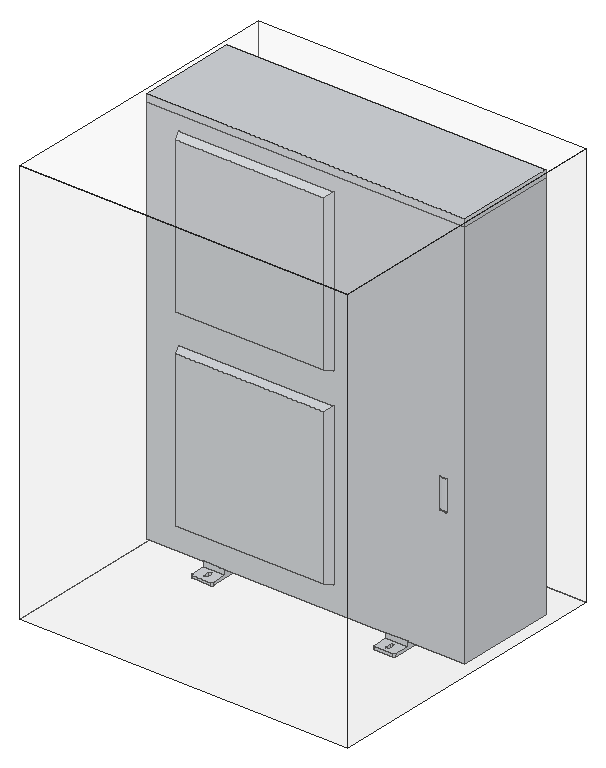
Revit family "puz-dhrmp80_140ka4_50hz", category 機械設備, Revit 2019
Family settings
  丸型コネクタ寸法 = 直径を使用
  パーツ タイプ = 標準
  OmniClass 番号 = 23.75.10.24.21.27.27
  OmniClass タイトル = Split System Air Conditioning Units
  作業面ベース = いいえ
  常に垂直 = はい
  ロード時にボイドで切り取り = いいえ
  共有 = いいえ
  部屋計算ポイント = いいえ
Parameters (values of type "室外機_PUZ-DHRMP80KA4-BSG")
  音響パワーレベル_冷房 (dB) = 66
  音響パワーレベル_暖房 (dB) = 68
  音響パワーレベル(dB) = [音響パワーレベル_暖房 (dB)]  # 68
  電源種別 = ""
  電源位置Y = 2 mm
  電源位置Z = 1063 mm
  電源位置X = 325 mm
  電圧 = 200 V
  電動機出力_送風機 = 0.12 kW
  電動機出力_圧縮機 = 1.5 kW
  集中コントローラ [instance] = ""
  運転質量 = 0.00 kg
  運転方法 = "冷暖切替"
  質量 = if(製品質量 > 運転質量, 製品質量, 運転質量) * 1.2  # 138.00 kg
  負荷分類 = 1_熱源類
  説明 = "空冷H/P PAC インバータ室外機"
  設計暖房能力 [instance] = 0 kW
  設計冷房能力_顕熱 [instance] = 0 kW
  設計冷房能力 [instance] = 0 kW
  設置方法 = "床置形"
  記号 [instance] = ""
  製造元 = "三菱電機株式会社"
  製品質量 = 115.00 kg
  製品出荷対象 = "国内"
  製品リリース年月 = ""
  製品グループ = ""
  系統 [instance] = ""
  符号 = "PAC"
  積算_科目 = "1 空気調和設備"
  積算_拾い区分 [instance] = ""
  相 = 3
  盤記号 [instance] = ""
  発停方法 = "付属スイッチ"
  特殊仕様 [instance] = ""
  消費電力_暖房 = 1.92 kW
  消費電力_冷房 = 1.77 kW
  消費電力 = if(消費電力_冷房 > 消費電力_暖房, 消費電力_冷房, 消費電力_暖房)  # 1.92 kW
  法定耐用年数 = "6"
  構成品番 = "PUZ-DHRMP80KA4-BSG"
  極数 = 3
  材質 [instance] = ""
  本体マテリアル = none
  最小電線太さ_mm2 = 5.5
  最大電流値 = 0 A
  暖房能力 = 8 kW
  推奨ブレーカー容量 = 30 A
  据付ピッチ1 = 0 mm
  形式 = "パッケージ形 室外機"
  形名 = PUZ-HDRMP-3 : PUZ-HDRMP-3
  幹線記号 [instance] = ""
  始動方式 = "インバータ始動方式"
  呼称 = "パッケージ形空気調和機_室外機"
  周波数 = 50 Hz
  価格 = 0
  ドレン　位置Z = 23 mm
  ドレン　位置Y = 176 mm
  ドレン　位置X = 45 mm
  アンカーボルト位置Y = 370 mm
  アンカーボルト位置X = 600 mm
  参照している仕様書等のバージョン = "公共建築物標準仕様書（機械設備工事編）平成31年度版"
  分類コード = "5.0053E+13"
  分類グループ = ""
  冷房能力 = 7.1 kW
  冷媒管（ガス）位置X = 483 mm
  冷媒管（液）位置X = 423 mm
  冷媒管（液）位置Y = 290 mm
  冷媒管（ガス）位置Y = 274 mm
  冷媒管長 [instance] = 0 mm
  冷媒管径符号 = "Bd"
  冷媒管径 = 100.00 mm
  冷媒管位置Z = 450 mm
  冷媒管位置Y = (冷媒管（液）位置Y + 冷媒管（ガス）位置Y) / 2  # 282 mm
  冷媒管位置X = (冷媒管（液）位置X + 冷媒管（ガス）位置X) / 2  # 453 mm
  冷媒液管径 = 9.52 mm
  冷媒ガス管径 = 15.88 mm
  企業コード = "108420"
  付属品 [instance] = ""
  仕様書バージョン = "Version1.0"
  ユニット数 = 1
  Model = ""
  ドレン管径 = 33.00 mm
  サービススペース = yes
  コメント [instance] = ""
  ケーブル種類1 = ""
  【値が 0 の項目は組合せ形名にてご確認ください】 = ""
  Width = 1050 mm
  Version = ""
  Uniclass2015Version = "Systems v1.9"
  Uniclass2015Title = "Split coil remote air cooled condensing units"
  Uniclass2015Code = "Pr_70_65_03_84"
  URL = "https://www.mitsubishielectric.co.jp/ldg/wink/ssl/top.do"
  SpecificationReference = ""
  SpecificationDescription = ""
  Revision = ""
  ProductInformation = ""
  OmniClassCode = "23-33 17 13 11"
  IfcTypeProduct = ""
  IfcProduct = ""
  IfcExportType = "AIRCONDITIONINGUNIT"
  IfcExportAs = "IfcUnitaryEquipmentType"
  Height = 1338 mm
  Depth = 330 mm
  Clearance Top = 0 mm
  Clearance Right = 15 mm
  Clearance Left = 15 mm
  Clearance Front = 500 mm
  Clearance Bottom = 0 mm
  Clearance Back = 150 mm
  COP = 0
  Author = "三菱電機株式会社"
  APF = 0
Reference planes
  plane 1 "中心(正面/背面)": y = 74
  plane 2: z = 0
  plane 3 "中心(左/右)": x = 830
  plane 4 "右": x = 1355
  plane 5 "左": x = 305
  plane 6 "背面": y = 239
  plane 7 "正面": y = -91
  plane 8 "上部": z = 1338
  plane 9 "Clearanse Top": z = 1338
  plane 10 "SS_back": y = 389
  plane 11 "SS_front": y = -591
  plane 12 "SS_left": x = 290
  plane 13 "SS_right": x = 1370
  plane 14: z = 0
  plane 15: y = -89
  plane 16: x = 1155
  plane 17: z = 1063
  plane 18: y = -87
  plane 19: y = -43
  plane 20: x = 1283
  plane 21: z = 450
  plane 22: z = 452
  plane 23: y = 63
  plane 24: x = 350
  plane 25: z = 25
  plane 26: z = 23
  plane 27: x = 530
  plane 28: x = 1130
  plane 29: y = 259
  plane 30: y = -111
Forms (mm)
  Extrusion 1, solid, detail levels fine
    sketch origin (0, -91, 0) x (1, 0, 0) y (0, 0, 1)
      loop
        circle (1155, 1063) r 13.5
    from -4 to -2
  Extrusion 2, solid, detail levels fine
    sketch origin (-1437.329, -1524, 54) x (-1, 0, 0) y (0, -1, 0)
      loop
        circle (-2720.329, -1481) r 50
    from 396 to 398
  Extrusion 3, solid, detail levels fine
    sketch origin (-1437.329, -1524, 54) x (-1, 0, 0) y (0, -1, 0)
      loop
        circle (-1787.329, -1587) r 16.5
    from -31 to -29
Lines and regions (mm)
  model lines, not visible
    curve 1: line (460, 178.667, 1289.179) -> (460, 297.73, 1289.179)
    curve 2: line (460, 178.667, 1056.056) -> (460, 178.667, 1289.179)
    curve 3: line (460, 297.73, 1056.056) -> (460, 178.667, 1056.056)
    curve 4: line (460, 297.73, 1289.179) -> (460, 297.73, 1056.056)
    curve 5: line (460, 47.598, 1289.179) -> (460, 166.661, 1289.179)
    curve 6: line (460, 47.598, 1056.056) -> (460, 47.598, 1289.179)
    curve 7: line (460, 166.661, 1056.056) -> (460, 47.598, 1056.056)
    curve 8: line (460, 166.661, 1289.179) -> (460, 166.661, 1056.056)
    curve 9: line (460, -83.471, 1289.179) -> (460, 35.592, 1289.179)
    curve 10: line (460, -83.471, 1056.056) -> (460, -83.471, 1289.179)
    curve 11: line (460, 35.592, 1056.056) -> (460, -83.471, 1056.056)
    curve 12: line (460, 35.592, 1289.179) -> (460, 35.592, 1056.056)
    curve 13: line (460, -150.779, 1289.179) -> (460, -95.75, 1289.179)
    curve 14: line (460, -150.779, 1056.056) -> (460, -150.779, 1289.179)
    curve 15: line (460, -95.75, 1056.056) -> (460, -150.779, 1056.056)
    curve 16: line (460, -95.75, 1289.179) -> (460, -95.75, 1056.056)
    curve 17: line (460, -150.779, 1283.175) -> (460, -132.596, 1283.175)
    curve 18: line (460, -150.779, 1062.059) -> (460, -150.779, 1283.175)
    curve 19: line (460, -132.596, 1062.059) -> (460, -150.779, 1062.059)
    curve 20: line (460, -132.596, 1283.175) -> (460, -132.596, 1062.059)
    curve 21: line (460, 178.667, 1046.051) -> (460, 297.73, 1046.051)
    curve 22: line (460, 178.667, 812.928) -> (460, 178.667, 1046.051)
    curve 23: line (460, 297.73, 812.928) -> (460, 178.667, 812.928)
    curve 24: line (460, 297.73, 1046.051) -> (460, 297.73, 812.928)
    curve 25: line (460, 47.598, 1046.051) -> (460, 166.661, 1046.051)
    curve 26: line (460, 47.598, 812.928) -> (460, 47.598, 1046.051)
    curve 27: line (460, 166.661, 812.928) -> (460, 47.598, 812.928)
    curve 28: line (460, 166.661, 1046.051) -> (460, 166.661, 812.928)
    curve 29: line (460, -83.471, 1046.051) -> (460, 35.592, 1046.051)
    curve 30: line (460, -83.471, 812.928) -> (460, -83.471, 1046.051)
    curve 31: line (460, 35.592, 812.928) -> (460, -83.471, 812.928)
    curve 32: line (460, 35.592, 1046.051) -> (460, 35.592, 812.928)
    curve 33: line (460, -150.779, 1046.051) -> (460, -95.75, 1046.051)
    curve 34: line (460, -150.779, 812.928) -> (460, -150.779, 1046.051)
    curve 35: line (460, -95.75, 812.928) -> (460, -150.779, 812.928)
    curve 36: line (460, -95.75, 1046.051) -> (460, -95.75, 812.928)
    curve 37: line (460, -150.779, 1040.048) -> (460, -132.596, 1040.048)
    curve 38: line (460, -150.779, 818.931) -> (460, -150.779, 1040.048)
    curve 39: line (460, -132.596, 818.931) -> (460, -150.779, 818.931)
    curve 40: line (460, -132.596, 1040.048) -> (460, -132.596, 818.931)
    curve 41: line (460, 178.667, 802.923) -> (460, 297.73, 802.923)
    curve 42: line (460, 178.667, 569.8) -> (460, 178.667, 802.923)
    curve 43: line (460, 297.73, 569.8) -> (460, 178.667, 569.8)
    curve 44: line (460, 297.73, 802.923) -> (460, 297.73, 569.8)
    curve 45: line (460, 47.598, 802.923) -> (460, 166.661, 802.923)
    curve 46: line (460, 47.598, 569.8) -> (460, 47.598, 802.923)
    curve 47: line (460, 166.661, 569.8) -> (460, 47.598, 569.8)
    curve 48: line (460, 166.661, 802.923) -> (460, 166.661, 569.8)
    curve 49: line (460, -83.471, 802.923) -> (460, 35.592, 802.923)
    curve 50: line (460, -83.471, 569.8) -> (460, -83.471, 802.923)
    curve 51: line (460, 35.592, 569.8) -> (460, -83.471, 569.8)
    curve 52: line (460, 35.592, 802.923) -> (460, 35.592, 569.8)
    curve 53: line (460, -150.779, 802.923) -> (460, -95.75, 802.923)
    curve 54: line (460, -150.779, 569.8) -> (460, -150.779, 802.923)
    curve 55: line (460, -95.75, 569.8) -> (460, -150.779, 569.8)
    curve 56: line (460, -95.75, 802.923) -> (460, -95.75, 569.8)
    curve 57: line (460, -150.779, 796.92) -> (460, -132.596, 796.92)
    curve 58: line (460, -150.779, 575.803) -> (460, -150.779, 796.92)
    curve 59: line (460, -132.596, 575.803) -> (460, -150.779, 575.803)
    curve 60: line (460, -132.596, 796.92) -> (460, -132.596, 575.803)
    curve 61: line (460, 178.667, 559.795) -> (460, 297.73, 559.795)
    curve 62: line (460, 178.667, 326.672) -> (460, 178.667, 559.795)
    curve 63: line (460, 297.73, 326.672) -> (460, 178.667, 326.672)
    curve 64: line (460, 297.73, 559.795) -> (460, 297.73, 326.672)
    curve 65: line (460, 47.598, 559.795) -> (460, 166.661, 559.795)
    curve 66: line (460, 47.598, 326.672) -> (460, 47.598, 559.795)
    curve 67: line (460, 166.661, 326.672) -> (460, 47.598, 326.672)
    curve 68: line (460, 166.661, 559.795) -> (460, 166.661, 326.672)
    curve 69: line (460, -83.471, 559.795) -> (460, 35.592, 559.795)
    curve 70: line (460, -83.471, 326.672) -> (460, -83.471, 559.795)
    curve 71: line (460, 35.592, 326.672) -> (460, -83.471, 326.672)
    curve 72: line (460, 35.592, 559.795) -> (460, 35.592, 326.672)
    curve 73: line (460, -150.779, 559.795) -> (460, -95.75, 559.795)
    curve 74: line (460, -150.779, 326.672) -> (460, -150.779, 559.795)
    curve 75: line (460, -95.75, 326.672) -> (460, -150.779, 326.672)
    curve 76: line (460, -95.75, 559.795) -> (460, -95.75, 326.672)
    curve 77: line (460, -150.779, 553.792) -> (460, -132.596, 553.792)
    curve 78: line (460, -150.779, 332.675) -> (460, -150.779, 553.792)
    curve 79: line (460, -132.596, 332.675) -> (460, -150.779, 332.675)
    curve 80: line (460, -132.596, 553.792) -> (460, -132.596, 332.675)
    curve 81: line (460, 178.667, 316.667) -> (460, 297.73, 316.667)
    curve 82: line (460, 178.667, 83.544) -> (460, 178.667, 316.667)
    curve 83: line (460, 297.73, 83.544) -> (460, 178.667, 83.544)
    curve 84: line (460, 297.73, 316.667) -> (460, 297.73, 83.544)
    curve 85: line (460, 47.598, 316.667) -> (460, 166.661, 316.667)
    curve 86: line (460, 47.598, 83.544) -> (460, 47.598, 316.667)
    curve 87: line (460, 166.661, 83.544) -> (460, 47.598, 83.544)
    curve 88: line (460, 166.661, 316.667) -> (460, 166.661, 83.544)
    curve 89: line (460, -83.471, 316.667) -> (460, 35.592, 316.667)
    curve 90: line (460, -83.471, 83.544) -> (460, -83.471, 316.667)
    curve 91: line (460, 35.592, 83.544) -> (460, -83.471, 83.544)
    curve 92: line (460, 35.592, 316.667) -> (460, 35.592, 83.544)
    curve 93: line (460, -150.779, 316.667) -> (460, -95.75, 316.667)
    curve 94: line (460, -150.779, 83.544) -> (460, -150.779, 316.667)
    curve 95: line (460, -95.75, 83.544) -> (460, -150.779, 83.544)
    curve 96: line (460, -95.75, 316.667) -> (460, -95.75, 83.544)
    curve 97: line (460, -150.779, 310.664) -> (460, -132.596, 310.664)
    curve 98: line (460, -150.779, 89.547) -> (460, -150.779, 310.664)
    curve 99: line (460, -132.596, 89.547) -> (460, -150.779, 89.547)
    curve 100: line (460, -132.596, 310.664) -> (460, -132.596, 89.547)
Dimensions and locks
  equal spacing: plane 7 "正面", plane 1 "中心(正面/背面)", plane 6 "背面"
  "Depth": plane 7 "正面" to plane 6 "背面"
  "Width": plane 5 "左" to plane 4 "右"
  equal spacing: plane 5 "左", plane 3 "中心(左/右)", plane 4 "右"
  "Clearance Left": plane 12 "SS_left" to plane 5 "左"
  "Clearance Right": plane 4 "右" to plane 13 "SS_right"
  "Clearance Back": plane 6 "背面" to plane 10 "SS_back"
  "Clearance Front": plane 11 "SS_front" to plane 7 "正面"
  "Height": plane 8 "上部" to level
  "Clearance Top": plane 9 "Clearanse Top" to plane 8 "上部"
  "Clearance Bottom": level to plane 14
  "電源位置X": plane 3 "中心(左/右)" to plane 16
  "電源位置Y": plane 7 "正面" to plane 15
  "電源位置Z": plane 17 to level
  locked: plane 15 to plane 18 at 2
  "冷媒管位置X": plane 3 "中心(左/右)" to plane 20
  "冷媒管位置Y": plane 19 to plane 6 "背面"
  "冷媒管位置Z": plane 21 to level
  locked: plane 22 to plane 21 at 2
  "ドレン　位置X": plane 5 "左" to plane 24
  "ドレン　位置Y": plane 23 to plane 6 "背面"
  locked: plane 25 to plane 26 at 2
  "ドレン　位置Z": plane 26 to level
  equal spacing: plane 30, plane 1 "中心(正面/背面)", plane 29
  "アンカーボルト位置Y": plane 30 to plane 29
  equal spacing: plane 27, plane 3 "中心(左/右)", plane 28
  "アンカーボルト位置X": plane 27 to plane 28
  radius of Extrusion 1 sketch curve = 13.5 mm
  "冷媒管径": diameter of Extrusion 2 sketch curve
  "ドレン管径": diameter of Extrusion 3 sketch curve
  aligned and locked: level to plane 2
  aligned and locked: plane 10 "SS_back" to nested 1  (x2)
  aligned and locked: plane 13 "SS_right" to nested 1
  aligned and locked: plane 12 "SS_left" to nested 1  (x2)
  aligned and locked: nested 1 to plane 13 "SS_right"
  aligned and locked: plane 11 "SS_front" to nested 1
  aligned and locked: plane 9 "Clearanse Top" to nested 1
  aligned and locked: plane 1 "中心(正面/背面)" to nested 2
  aligned and locked: plane 3 "中心(左/右)" to nested 2
  aligned and locked: plane 14 to nested 1
  aligned and locked: plane 17 to Extrusion 1 sketch curve
  aligned and locked: plane 16 to Extrusion 1 sketch curve
  aligned and locked: Extrusion 1 to plane 18
  aligned and locked: plane 15 to Extrusion 1
  aligned and locked: plane 19 to Extrusion 2 sketch curve
  aligned and locked: plane 20 to Extrusion 2 sketch curve
  aligned and locked: plane 22 to Extrusion 2
  aligned and locked: Extrusion 2 to plane 21
  aligned and locked: plane 24 to Extrusion 3 sketch curve
  aligned and locked: plane 23 to Extrusion 3 sketch curve
  aligned and locked: plane 25 to Extrusion 3
  aligned and locked: Extrusion 3 to plane 26
  aligned and locked: plane 27 to nested 3
  aligned and locked: plane 29 to nested 3
Nested families
  nested 1: "サービススペース" at (830, -101, 669), visible <- "サービススペース", type "サービススペース"
    with Width 1080 mm, Height 1338 mm, Depth 980 mm
  nested 2: "PUZ-HDRMP-3" at (830, 74, 0), type <- "形名", type "PUZ-HDRMP-3", detail levels fine
    with 冷媒ガス管径-Y 274 mm
  nested 3: "固定点" at (530, -111, 0), type "固定点"
    with W 600 mm, D 370 mm
Connectors
  piping at (1283, -43, 450), diameter 100, driven by "冷媒管径", driven by "冷媒管径符号"
    settings: on Extrusion 2, index 1, connector inside diameter 609.60 mm, connector length 0 mm, flow factor 0, pipe flow 0.0 L/s, pressure drop 0.0 Pa, fitting loss kfactor 0, connector angle 0.00°, fixture units 0, engagement length 0 mm, angle of deflection 0.00°, flow configuration 1, flow direction 2, fitting loss method 4, system type 7, joint type 0, gender type 0, connector reference index -1, connector utility 0, adjustable connector no, is connector primary yes, connector description "Bd"
  electrical at (1155, -89, 1063), driven by "極数", driven by "負荷分類", driven by "電圧", driven by "消費電力"
    settings: on Extrusion 1, index 2, voltage 200 V, apparent load 1920 VA, apparent load phase1 0 VA, apparent load phase2 0 VA, apparent load phase3 0 VA, power factor 1, load classification "1_熱源類", number of poles 3, system type 30, power factor state 1, is connector primary yes, connector utility no, sub classification motor no, connector description ""
Definition of nested family "サービススペース"
  Parameters (values of type "サービススペース")
    Width [instance] = 500 mm
    Height [instance] = 500 mm
    Depth [instance] = 500 mm
  Reference planes
    plane 1 "中心(正面/背面)": y = 0
    plane 2: z = 0
    plane 3 "中心(左/右)": x = 0
    plane 4: y = -250
    plane 5: x = 250
    plane 6: y = 250
    plane 7: x = -250
    plane 8: z = 250
    plane 9: z = -250
  Forms (mm)
    Extrusion 1, solid
      sketch origin (-638.939, 0, 72.39) x (1, 0, 0) y (0, 1, 0)
        loop
          line (388.939, 250) -> (388.939, -250) -> (888.939, -250) -> (888.939, 250) -> (388.939, 250)
      from -322.39 to 177.61
  Lines and regions (mm)
    symbolic lines
      curve 1: line (-250, 0, 250) -> (250, 0, 250)
      curve 2: line (-250, 0, -250) -> (-250, 0, 250)
      curve 3: line (250, 0, -250) -> (-250, 0, -250)
      curve 4: line (250, 0, 250) -> (250, 0, -250)
      curve 5: line (0, -250, 250) -> (0, 250, 250)
      curve 6: line (0, -250, -250) -> (0, -250, 250)
      curve 7: line (0, 250, -250) -> (0, -250, -250)
      curve 8: line (0, 250, 250) -> (0, 250, -250)
      curve 9: line (-250, 250, 0) -> (250, 250, 0)
      curve 10: line (-250, -250, 0) -> (-250, 250, 0)
      curve 11: line (250, -250, 0) -> (-250, -250, 0)
      curve 12: line (250, 250, 0) -> (250, -250, 0)
  Dimensions and locks
    equal spacing: plane 7, plane 3 "中心(左/右)", plane 5
    equal spacing: plane 4, plane 1 "中心(正面/背面)", plane 6
    "Depth": plane 4 to plane 6
    "Width": plane 7 to plane 5
    equal spacing: plane 8, plane 2, plane 9
    "Height": plane 8 to plane 9
    aligned and locked: plane 9 to curve 3
    aligned and locked: plane 7 to curve 2
    aligned and locked: curve 4 to plane 5
    aligned and locked: plane 5 to Extrusion 1
    aligned and locked: Extrusion 1 to plane 7
    aligned and locked: Extrusion 1 to plane 9
    aligned and locked: plane 8 to Extrusion 1
    aligned and locked: plane 9 to curve 7
  Automatic sketch dimensions
    plane 4 to Extrusion 1 sketch curve = 0 mm
    Extrusion 1 sketch curve to plane 7 = 0 mm
    Extrusion 1 sketch curve to plane 5 = 0 mm
    plane 6 to Extrusion 1 sketch curve = 0 mm
    curve 2 to plane 8 = 0 mm
    plane 4 to curve 11 = 0 mm
    curve 11 to plane 7 = 0 mm
    curve 11 to plane 5 = 0 mm
    plane 6 to curve 10 = 0 mm
    curve 7 to plane 4 = 0 mm
    curve 7 to plane 6 = 0 mm
    curve 6 to plane 8 = 0 mm
Definition of nested family "PUZ-HDRMP-3"
  Parameters (values of type "PUZ-ZRMP112KA11")
    配線取出口サイズ = 27 mm
    配線取出口-Z = 1063 mm
    配線取出口-Y = 325 mm
    配線取出口-X = 325 mm
    液配管サイズ = 100 mm
    高さ = 1338 mm
    換気-W = 362 mm
    換気-H2 = 632 mm
    換気-H1 = 369 mm
    換気-D = 25 mm
    奥行き = 330 mm
    吊りボルト_H = 0 mm
    吊りボルト-φ = 12 mm
    冷媒配管サイズ = 9.52 mm
    冷媒液管径-Z = 450 mm
    冷媒液管径-Y = 290 mm
    冷媒液管径-X = 423 mm
    冷媒ガス管径-Z = 421 mm
    冷媒ガス管径-Y = 234 mm
    冷媒ガス管径-X = 483 mm
    吊りボルト-W = 600 mm
    マテリアル = none
    ドレン配管サイズ = 33 mm
    ドレン管径-Z = 0 mm
    ドレン管径-Y = 154 mm
    ドレン管径-X = 480 mm
    タイプ3 = yes
    タイプ2 = no
    タイプ1 = no
    ガス配管サイズ = 15.88 mm
    吊りボルト-D = 370 mm
    幅さ = 1050 mm
    a = 幅さ / 2  # 525 mm
  Reference planes
    plane 1 "中心(正面/背面)": y = 0
    plane 2: z = 0
    plane 3 "中心(左/右)": x = 0
    plane 4: z = 1338
    plane 5: x = -525
    plane 6: x = 525
    plane 7: y = 165
    plane 8: y = -165
    plane 9: x = 587
    plane 10: y = -105
    plane 11: y = 5
    plane 12: z = 1313
    plane 13: x = -545
    plane 14: x = -300
    plane 15: x = 300
    plane 16: y = 185
    plane 17: y = -185
    plane 18: x = 335
    plane 19: x = 265
    plane 20: x = -265
    plane 21: x = -335
    plane 22: y = 204
    plane 23: y = -218
    plane 24: z = 8.5
    plane 25: z = 25
    plane 26: z = 23
    plane 27: z = 1333
    plane 28: y = -40
    plane 29: y = 40
    plane 30: y = -30
    plane 31: y = 30
    plane 32: z = 1318
    plane 33: z = 55
    plane 34: z = 225
    plane 35: z = 570
    plane 36: x = 535
    plane 37: x = 556
    plane 38: y = -190
    plane 39: x = -163
    plane 40: z = 369
    plane 41: x = 91
    plane 42: x = -417
    plane 43: z = 633
    plane 44: z = 105
    plane 45: x = -407
    plane 46: x = 81
    plane 47: z = 623
    plane 48: z = 115
    plane 49: y = 115
    plane 50: y = -115
    plane 51: x = -480
    plane 52: y = -11
    plane 53: x = 483
    plane 54: x = 325
    plane 55: y = -160
    plane 56: y = -125
    plane 57: y = -69
    plane 58: x = 423
    plane 59: z = 421
    plane 60: z = 450
    plane 61: z = 1063
    plane 62: y = -110
    plane 63: z = 550
    plane 64: z = 550
    plane 65: x = 453
    plane 66: y = -97
    plane 67 "グループ": x = -525
    plane 68: z = 1338
    plane 69: z = 943
    plane 70: z = 1001
    plane 71: z = 1265
    plane 72: z = 737
    plane 73: z = 1255
    plane 74: z = 747
    plane 75: y = 125
    plane 76: x = -370
    plane 77: x = -210
    plane 78: x = -50
    plane 79: x = 110
  Forms (mm)
    Extrusion 1, solid, visible <- "タイプ3", detail levels fine
      sketch origin (-1437.329, -1524, 1338) x (-1, 0, 0) y (0, -1, 0)
        loop
          line (-1102.329, -1689) -> (-1102.329, -1359) -> (-1172.329, -1359) -> (-1172.329, -1689) -> (-1102.329, -1689)
        loop
          line (-1702.329, -1689) -> (-1702.329, -1359) -> (-1772.329, -1359) -> (-1772.329, -1689) -> (-1702.329, -1689)
      from -1338 to -1313
    Extrusion 2, solid, material <- "マテリアル", visible <- "タイプ3", detail levels fine
      sketch origin (-1437.329, -1524, 1338) x (-1, 0, 0) y (0, -1, 0)
        loop
          line (-1962.329, -1689) -> (-912.329, -1689) -> (-912.329, -1359) -> (-1962.329, -1359) -> (-1962.329, -1689)
      from -1313 to -25
    Extrusion 3, solid, material <- "マテリアル", visible <- "タイプ3", detail levels fine
      sketch origin (-1437.329, -1524, 1338) x (-1, 0, 0) y (0, -1, 0)
        loop
          line (-912.329, -1689) -> (-912.329, -1359) -> (-1962.329, -1359) -> (-1962.329, -1689) -> (-912.329, -1689)
      from -25 to 0
    Blend 4, solid, material <- "マテリアル", visible <- "タイプ3", detail levels fine
      base sketch origin (0, 0, 0) x (1, 0, 0) y (0, 0, 1)
        loop
          line (-417, 633) -> (-417, 105) -> (91, 105) -> (91, 633) -> (-417, 633)
      top sketch origin (0, 0, 0) x (1, 0, 0) y (0, 0, 1)
        loop
          line (-407, 623) -> (-407, 115) -> (81, 115) -> (81, 623) -> (-407, 623)
      from 165 to 190
    Extrusion 5, solid, material <- "マテリアル", visible <- "タイプ3", detail levels fine
      sketch origin (-1437.329, -1524, 1338) x (-1, 0, 0) y (0, -1, 0)
        loop
          circle (-1920.329, -1455) r 7.94
      from -917 to -788
    Extrusion 6, solid, material <- "マテリアル", visible <- "タイプ3", detail levels fine
      sketch origin (-1437.329, -1524, 1338) x (-1, 0, 0) y (0, -1, 0)
        loop
          circle (-1860.329, -1399) r 4.76
      from -888 to -788
    Extrusion 7, solid, material <- "マテリアル", visible <- "タイプ3", detail levels fine
      sketch origin (1480.036, -190, 1200) x (1, 0, 0) y (0, 0, 1)
        loop
          circle (-1155.036, -137) r 13.5
      from -80 to -30
    Extrusion 8, solid, material <- "マテリアル", visible <- "タイプ3", detail levels fine
      sketch origin (-1437.329, -1524, 1338) x (-1, 0, 0) y (0, -1, 0)
        loop
          circle (-1890.329, -1427) r 50
      from -888 to -788
    Blend 9, solid, material <- "マテリアル", visible <- "タイプ3", detail levels fine
      base sketch origin (1480.036, -190, 1200) x (1, 0, 0) y (0, 0, 1)
        loop
          line (-1897.036, 65) -> (-1897.036, -463) -> (-1389.036, -463) -> (-1389.036, 65) -> (-1897.036, 65)
      top sketch origin (1480.036, -190, 1200) x (1, 0, 0) y (0, 0, 1)
        loop
          line (-1887.036, 55) -> (-1887.036, -453) -> (-1399.036, -453) -> (-1399.036, 55) -> (-1887.036, 55)
      from -25 to 0
    Extrusion 10, solid, visible <- "タイプ3", detail levels fine
      sketch origin (-1437.329, -1524, 1338) x (-1, 0, 0) y (0, -1, 0)
        loop
          line (-1102.329, -1728) -> (-1102.329, -1689) -> (-1172.329, -1689) -> (-1172.329, -1728) -> (-1143.329, -1728) -> (-1143.329, -1709)
          arc (-1143.329, -1709) -> (-1137.329, -1703) -> (-1131.329, -1709) r 6
          line (-1131.329, -1709) -> (-1131.329, -1728) -> (-1102.329, -1728)
        loop
          line (-1102.329, -1359) -> (-1102.329, -1311)
          arc (-1102.329, -1311) -> (-1103.794, -1307.464) -> (-1107.329, -1306) r 5
          line (-1107.329, -1306) -> (-1167.329, -1306)
          arc (-1167.329, -1306) -> (-1170.865, -1307.464) -> (-1172.329, -1311) r 5
          line (-1172.329, -1311) -> (-1172.329, -1359) -> (-1102.329, -1359)
        loop
          arc (-1143.329, -1339) -> (-1137.329, -1345) -> (-1131.329, -1339) r 6
          line (-1131.329, -1339) -> (-1131.329, -1324)
          arc (-1131.329, -1324) -> (-1137.329, -1318) -> (-1143.329, -1324) r 6
          line (-1143.329, -1324) -> (-1143.329, -1339)
        loop
          line (-1772.329, -1728) -> (-1743.329, -1728) -> (-1743.329, -1709)
          arc (-1743.329, -1709) -> (-1737.329, -1703) -> (-1731.329, -1709) r 6
          line (-1731.329, -1709) -> (-1731.329, -1728) -> (-1702.329, -1728) -> (-1702.329, -1689) -> (-1772.329, -1689) -> (-1772.329, -1728)
        loop
          line (-1772.329, -1359) -> (-1702.329, -1359) -> (-1702.329, -1311)
          arc (-1702.329, -1311) -> (-1703.794, -1307.464) -> (-1707.329, -1306) r 5
          line (-1707.329, -1306) -> (-1767.329, -1306)
          arc (-1767.329, -1306) -> (-1770.865, -1307.464) -> (-1772.329, -1311) r 5
          line (-1772.329, -1311) -> (-1772.329, -1359)
        loop
          line (-1731.329, -1339) -> (-1731.329, -1324)
          arc (-1731.329, -1324) -> (-1737.329, -1318) -> (-1743.329, -1324) r 6
          line (-1743.329, -1324) -> (-1743.329, -1339)
          arc (-1743.329, -1339) -> (-1737.329, -1345) -> (-1731.329, -1339) r 6
      from -1338 to -1329.5
    Extrusion 11, solid, material <- "マテリアル", visible <- "タイプ3", detail levels fine
      sketch origin (-1437.329, -1524, 1338) x (-1, 0, 0) y (0, -1, 0)
        loop
          circle (-957.329, -1513) r 16.5
        loop
          circle (-1067.329, -1649) r 16.5
        loop
          circle (-1227.329, -1649) r 16.5
        loop
          circle (-1387.329, -1649) r 16.5
        loop
          circle (-1547.329, -1649) r 16.5
      from -1315 to -1313
  Cuts and joins
    joined: Extrusion 1, Extrusion 10
  Lines and regions (mm)
    Masking region 1, visible <- "タイプ3", detail levels coarse+medium
      outline origin (-1437.329, -1524, 1338) x (-1, 0, 0) y (0, -1, 0)
        loop
          line (-1962.329, -1689) -> (-1772.329, -1689) -> (-1772.329, -1728) -> (-1702.329, -1728) -> (-1702.329, -1689) -> (-1172.329, -1689) -> (-1172.329, -1728) -> (-1102.329, -1728) -> (-1102.329, -1689) -> (-912.329, -1689) -> (-912.329, -1359) -> (-1020.329, -1359) -> (-1030.329, -1334) -> (-1102.329, -1334) -> (-1102.329, -1306) -> (-1172.329, -1306) -> (-1172.329, -1334) -> (-1518.329, -1334) -> (-1528.329, -1359) -> (-1702.329, -1359) -> (-1702.329, -1306) -> (-1772.329, -1306) -> (-1772.329, -1359) -> (-1962.329, -1359) -> (-1962.329, -1689)
    model lines, visible <- "タイプ3", detail levels fine
      curve 1: line (447, 115, 1338) -> (-445, 115, 1338)
      curve 2: line (-445, -115, 1338) -> (447, -115, 1338)
      curve 3: line (-445, -45, 1338) -> (447, -45, 1338)
      curve 4: line (447, 45, 1338) -> (-445, 45, 1338)
      curve 5: line (-445, -35, 1338) -> (447, -35, 1338)
      curve 6: line (447, 35, 1338) -> (-445, 35, 1338)
      curve 7: line (-445, 115, 1338) -> (-445, 45, 1338)
      curve 8: line (447, -115, 1338) -> (447, -45, 1338)
      curve 9: line (-445, 35, 1338) -> (-445, -35, 1338)
      curve 10: line (-445, -45, 1338) -> (-445, -115, 1338)
      curve 11: line (447, -35, 1338) -> (447, 35, 1338)
      curve 12: line (447, 45, 1338) -> (447, 115, 1338)
      curve 13: line (479, -115, 1338) -> (479, 115, 1338)
      curve 14: line (462, -115, 1338) -> (462, 115, 1338)
      curve 15: line (-475, 115, 1338) -> (-475, -115, 1338)
      curve 16: line (-460, 115, 1338) -> (-460, -115, 1338)
      curve 17: line (-460, 115, 1338) -> (-475, 115, 1338)
      curve 18: line (-460, -115, 1338) -> (-475, -115, 1338)
      curve 19: line (462, 115, 1338) -> (479, 115, 1338)
      curve 20: line (462, -115, 1338) -> (479, -115, 1338)
      curve 21: line (-407, -190, 416.5) -> (81, -190, 416.5)
      curve 22: line (81, -190, 321.5) -> (-407, -190, 321.5)
      curve 23: line (-407, -190, 511.5) -> (81, -190, 511.5)
      curve 24: line (-407, -190, 606.5) -> (81, -190, 606.5)
      curve 25: line (81, -190, 226.5) -> (-407, -190, 226.5)
      curve 26: line (81, -190, 131.5) -> (-407, -190, 131.5)
      curve 27: line (-389.571, -190, 623) -> (-389.571, -190, 115)
      curve 28: line (63.571, -190, 115) -> (63.571, -190, 623)
      curve 29: line (-372.143, -190, 623) -> (-372.143, -190, 115)
      curve 30: line (-354.714, -190, 623) -> (-354.714, -190, 115)
      curve 31: line (-337.286, -190, 623) -> (-337.286, -190, 115)
      curve 32: line (-319.857, -190, 623) -> (-319.857, -190, 115)
      curve 33: line (-302.429, -190, 623) -> (-302.429, -190, 115)
      curve 34: line (-285, -190, 623) -> (-285, -190, 115)
      curve 35: line (-267.571, -190, 623) -> (-267.571, -190, 115)
      curve 36: line (-250.143, -190, 623) -> (-250.143, -190, 115)
      curve 37: line (-232.714, -190, 623) -> (-232.714, -190, 115)
      curve 38: line (-215.286, -190, 623) -> (-215.286, -190, 115)
      curve 39: line (-197.857, -190, 623) -> (-197.857, -190, 115)
      curve 40: line (-180.429, -190, 623) -> (-180.429, -190, 115)
      curve 41: line (-163, -190, 623) -> (-163, -190, 115)
      curve 42: line (-145.571, -190, 623) -> (-145.571, -190, 115)
      curve 43: line (-128.143, -190, 623) -> (-128.143, -190, 115)
      curve 44: line (-110.714, -190, 623) -> (-110.714, -190, 115)
      curve 45: line (-93.286, -190, 623) -> (-93.286, -190, 115)
      curve 46: line (-75.857, -190, 623) -> (-75.857, -190, 115)
      curve 47: line (-58.429, -190, 623) -> (-58.429, -190, 115)
      curve 48: line (-41, -190, 623) -> (-41, -190, 115)
      curve 49: line (-23.571, -190, 623) -> (-23.571, -190, 115)
      curve 50: line (-6.143, -190, 623) -> (-6.143, -190, 115)
      curve 51: line (11.286, -190, 623) -> (11.286, -190, 115)
      curve 52: line (28.714, -190, 623) -> (28.714, -190, 115)
      curve 53: line (46.143, -190, 623) -> (46.143, -190, 115)
      curve 54: line (-525, -100, 87) -> (-525, -60, 87)
      curve 55: line (-525, -100, 277) -> (-525, -100, 87)
      curve 56: line (-525, -60, 277) -> (-525, -100, 277)
      curve 57: line (-525, -60, 87) -> (-525, -60, 277)
      curve 58: line (-525, -100, 292) -> (-525, -60, 292)
      curve 59: line (-525, -100, 482) -> (-525, -100, 292)
      curve 60: line (-525, -60, 482) -> (-525, -100, 482)
      curve 61: line (-525, -60, 292) -> (-525, -60, 482)
      curve 62: line (-525, -100, 497) -> (-525, -60, 497)
      curve 63: line (-525, -100, 687) -> (-525, -100, 497)
      curve 64: line (-525, -60, 687) -> (-525, -100, 687)
      curve 65: line (-525, -60, 497) -> (-525, -60, 687)
      curve 66: line (-525, -100, 702) -> (-525, -60, 702)
      curve 67: line (-525, -100, 892) -> (-525, -100, 702)
      curve 68: line (-525, -60, 892) -> (-525, -100, 892)
      curve 69: line (-525, -60, 702) -> (-525, -60, 892)
      curve 70: line (-525, 60, 87) -> (-525, 100, 87)
      curve 71: line (-525, 60, 277) -> (-525, 60, 87)
      curve 72: line (-525, 100, 277) -> (-525, 60, 277)
      curve 73: line (-525, 100, 87) -> (-525, 100, 277)
      curve 74: line (-525, -46.667, 87) -> (-525, -6.667, 87)
      curve 75: line (-525, -46.667, 277) -> (-525, -46.667, 87)
      curve 76: line (-525, -6.667, 277) -> (-525, -46.667, 277)
      curve 77: line (-525, -6.667, 87) -> (-525, -6.667, 277)
      curve 78: line (-525, 6.667, 87) -> (-525, 46.667, 87)
      curve 79: line (-525, 6.667, 277) -> (-525, 6.667, 87)
      curve 80: line (-525, 46.667, 277) -> (-525, 6.667, 277)
      curve 81: line (-525, 46.667, 87) -> (-525, 46.667, 277)
      curve 82: line (-525, 60, 292) -> (-525, 100, 292)
      curve 83: line (-525, 60, 482) -> (-525, 60, 292)
      curve 84: line (-525, 100, 482) -> (-525, 60, 482)
      curve 85: line (-525, 100, 292) -> (-525, 100, 482)
      curve 86: line (-525, 60, 702) -> (-525, 100, 702)
      curve 87: line (-525, 60, 892) -> (-525, 60, 702)
      curve 88: line (-525, 100, 892) -> (-525, 60, 892)
      curve 89: line (-525, 100, 702) -> (-525, 100, 892)
      curve 90: line (-525, -46.667, 292) -> (-525, -6.667, 292)
      curve 91: line (-525, -46.667, 482) -> (-525, -46.667, 292)
      curve 92: line (-525, -6.667, 482) -> (-525, -46.667, 482)
      curve 93: line (-525, -6.667, 292) -> (-525, -6.667, 482)
      curve 94: line (-525, -46.667, 497) -> (-525, -6.667, 497)
      curve 95: line (-525, -46.667, 687) -> (-525, -46.667, 497)
      curve 96: line (-525, -6.667, 687) -> (-525, -46.667, 687)
      curve 97: line (-525, -6.667, 497) -> (-525, -6.667, 687)
      curve 98: line (-525, -46.667, 702) -> (-525, -6.667, 702)
      curve 99: line (-525, -46.667, 892) -> (-525, -46.667, 702)
      curve 100: line (-525, -6.667, 892) -> (-525, -46.667, 892)
      curve 101: line (-525, -6.667, 702) -> (-525, -6.667, 892)
      curve 102: line (-525, 6.667, 292) -> (-525, 46.667, 292)
      curve 103: line (-525, 6.667, 482) -> (-525, 6.667, 292)
      curve 104: line (-525, 46.667, 482) -> (-525, 6.667, 482)
      curve 105: line (-525, 46.667, 292) -> (-525, 46.667, 482)
      curve 106: line (-525, 6.667, 497) -> (-525, 46.667, 497)
      curve 107: line (-525, 6.667, 687) -> (-525, 6.667, 497)
      curve 108: line (-525, 46.667, 687) -> (-525, 6.667, 687)
      curve 109: line (-525, 46.667, 497) -> (-525, 46.667, 687)
      curve 110: line (-525, 6.667, 702) -> (-525, 46.667, 702)
      curve 111: line (-525, 6.667, 892) -> (-525, 6.667, 702)
      curve 112: line (-525, 46.667, 892) -> (-525, 6.667, 892)
      curve 113: line (-525, 46.667, 702) -> (-525, 46.667, 892)
      curve 114: line (-525, -100, 907) -> (-525, -60, 907)
      curve 115: line (-525, -100, 1097) -> (-525, -100, 907)
      curve 116: line (-525, -60, 1097) -> (-525, -100, 1097)
      curve 117: line (-525, -60, 907) -> (-525, -60, 1097)
      curve 118: line (-525, 60, 907) -> (-525, 100, 907)
      curve 119: line (-525, 60, 1097) -> (-525, 60, 907)
      curve 120: line (-525, 100, 1097) -> (-525, 60, 1097)
      curve 121: line (-525, 100, 907) -> (-525, 100, 1097)
      curve 122: line (-525, -46.667, 907) -> (-525, -6.667, 907)
      curve 123: line (-525, -46.667, 1097) -> (-525, -46.667, 907)
      curve 124: line (-525, -6.667, 1097) -> (-525, -46.667, 1097)
      curve 125: line (-525, -6.667, 907) -> (-525, -6.667, 1097)
      curve 126: line (-525, 6.667, 907) -> (-525, 46.667, 907)
      curve 127: line (-525, 6.667, 1097) -> (-525, 6.667, 907)
      curve 128: line (-525, 46.667, 1097) -> (-525, 6.667, 1097)
      curve 129: line (-525, 46.667, 907) -> (-525, 46.667, 1097)
      curve 130: line (-525, -100, 1112) -> (-525, -60, 1112)
      curve 131: line (-525, -100, 1302) -> (-525, -100, 1112)
      curve 132: line (-525, -60, 1302) -> (-525, -100, 1302)
      curve 133: line (-525, -60, 1112) -> (-525, -60, 1302)
      curve 134: line (-525, 60, 1112) -> (-525, 100, 1112)
      curve 135: line (-525, 60, 1302) -> (-525, 60, 1112)
      curve 136: line (-525, 100, 1302) -> (-525, 60, 1302)
      curve 137: line (-525, 100, 1112) -> (-525, 100, 1302)
      curve 138: line (-525, -46.667, 1112) -> (-525, -6.667, 1112)
      curve 139: line (-525, -46.667, 1302) -> (-525, -46.667, 1112)
      curve 140: line (-525, -6.667, 1302) -> (-525, -46.667, 1302)
      curve 141: line (-525, -6.667, 1112) -> (-525, -6.667, 1302)
      curve 142: line (-525, 6.667, 1112) -> (-525, 46.667, 1112)
      curve 143: line (-525, 6.667, 1302) -> (-525, 6.667, 1112)
      curve 144: line (-525, 46.667, 1302) -> (-525, 6.667, 1302)
      curve 145: line (-525, 46.667, 1112) -> (-525, 46.667, 1302)
      curve 303: line (81, -190, 1238.5) -> (-407, -190, 1238.5)
      curve 304: line (-407, -190, 763.5) -> (81, -190, 763.5)
      curve 305: line (-389.571, -190, 1255) -> (-389.571, -190, 747)
      curve 306: line (81, -190, 858.5) -> (-407, -190, 858.5)
      curve 307: line (81, -190, 1143.5) -> (-407, -190, 1143.5)
      curve 308: line (81, -190, 1048.5) -> (-407, -190, 1048.5)
      curve 309: line (-407, -190, 953.5) -> (81, -190, 953.5)
      curve 310: line (-372.143, -190, 1255) -> (-372.143, -190, 747)
      curve 311: line (-354.714, -190, 1255) -> (-354.714, -190, 747)
      curve 312: line (-337.286, -190, 1255) -> (-337.286, -190, 747)
      curve 313: line (-319.857, -190, 1255) -> (-319.857, -190, 747)
      curve 314: line (-302.429, -190, 1255) -> (-302.429, -190, 747)
      curve 315: line (-285, -190, 1255) -> (-285, -190, 747)
      curve 316: line (-267.571, -190, 1255) -> (-267.571, -190, 747)
      curve 317: line (-250.143, -190, 1255) -> (-250.143, -190, 747)
      curve 318: line (-232.714, -190, 1255) -> (-232.714, -190, 747)
      curve 319: line (-215.286, -190, 1255) -> (-215.286, -190, 747)
      curve 320: line (-197.857, -190, 1255) -> (-197.857, -190, 747)
      curve 321: line (-180.429, -190, 1255) -> (-180.429, -190, 747)
      curve 322: line (-163, -190, 1255) -> (-163, -190, 747)
      curve 323: line (-145.571, -190, 1255) -> (-145.571, -190, 747)
      curve 324: line (-128.143, -190, 1255) -> (-128.143, -190, 747)
      curve 325: line (-110.714, -190, 1255) -> (-110.714, -190, 747)
      curve 326: line (-93.286, -190, 1255) -> (-93.286, -190, 747)
      curve 327: line (-75.857, -190, 1255) -> (-75.857, -190, 747)
      curve 328: line (-58.429, -190, 1255) -> (-58.429, -190, 747)
      curve 329: line (-41, -190, 1255) -> (-41, -190, 747)
      curve 330: line (-23.571, -190, 1255) -> (-23.571, -190, 747)
      curve 331: line (-6.143, -190, 1255) -> (-6.143, -190, 747)
      curve 332: line (11.286, -190, 1255) -> (11.286, -190, 747)
      curve 333: line (28.714, -190, 1255) -> (28.714, -190, 747)
      curve 334: line (46.143, -190, 1255) -> (46.143, -190, 747)
      curve 335: line (63.571, -190, 1255) -> (63.571, -190, 747)
    model lines, visible <- "タイプ3", not visible, detail levels fine
      curve 146: line (-525, -100, 907) -> (-525, -60, 907)
      curve 147: line (-525, -100, 1097) -> (-525, -100, 907)
      curve 148: line (-525, -60, 1097) -> (-525, -100, 1097)
      curve 149: line (-525, -60, 907) -> (-525, -60, 1097)
      curve 150: line (-525, 60, 907) -> (-525, 100, 907)
      curve 151: line (-525, 60, 1097) -> (-525, 60, 907)
      curve 152: line (-525, 100, 1097) -> (-525, 60, 1097)
      curve 153: line (-525, 100, 907) -> (-525, 100, 1097)
      curve 154: line (-525, -46.667, 907) -> (-525, -6.667, 907)
      curve 155: line (-525, -46.667, 1097) -> (-525, -46.667, 907)
      curve 156: line (-525, -6.667, 1097) -> (-525, -46.667, 1097)
      curve 157: line (-525, -6.667, 907) -> (-525, -6.667, 1097)
      curve 158: line (-525, 6.667, 907) -> (-525, 46.667, 907)
      curve 159: line (-525, 6.667, 1097) -> (-525, 6.667, 907)
      curve 160: line (-525, 46.667, 1097) -> (-525, 6.667, 1097)
      curve 161: line (-525, 46.667, 907) -> (-525, 46.667, 1097)
      curve 162: line (-525, -100, 1112) -> (-525, -60, 1112)
      curve 163: line (-525, -100, 1302) -> (-525, -100, 1112)
      curve 164: line (-525, -60, 1302) -> (-525, -100, 1302)
      curve 165: line (-525, -60, 1112) -> (-525, -60, 1302)
      curve 166: line (-525, 60, 1112) -> (-525, 100, 1112)
      curve 167: line (-525, 60, 1302) -> (-525, 60, 1112)
      curve 168: line (-525, 100, 1302) -> (-525, 60, 1302)
      curve 169: line (-525, 100, 1112) -> (-525, 100, 1302)
      curve 170: line (-525, -46.667, 1112) -> (-525, -6.667, 1112)
      curve 171: line (-525, -46.667, 1302) -> (-525, -46.667, 1112)
      curve 172: line (-525, -6.667, 1302) -> (-525, -46.667, 1302)
      curve 173: line (-525, -6.667, 1112) -> (-525, -6.667, 1302)
      curve 174: line (-525, 6.667, 1112) -> (-525, 46.667, 1112)
      curve 175: line (-525, 6.667, 1302) -> (-525, 6.667, 1112)
      curve 176: line (-525, 46.667, 1302) -> (-525, 6.667, 1302)
      curve 177: line (-525, 46.667, 1112) -> (-525, 46.667, 1302)
      curve 194: line (-525, -100, 87) -> (-525, -60, 87)
      curve 195: line (-525, -100, 277) -> (-525, -100, 87)
      curve 196: line (-525, -60, 277) -> (-525, -100, 277)
      curve 197: line (-525, -60, 87) -> (-525, -60, 277)
      curve 198: line (-525, -100, 292) -> (-525, -60, 292)
      curve 199: line (-525, -100, 482) -> (-525, -100, 292)
      curve 200: line (-525, -60, 482) -> (-525, -100, 482)
      curve 201: line (-525, -60, 292) -> (-525, -60, 482)
      curve 202: line (-525, -100, 497) -> (-525, -60, 497)
      curve 203: line (-525, -100, 687) -> (-525, -100, 497)
      curve 204: line (-525, -60, 687) -> (-525, -100, 687)
      curve 205: line (-525, -60, 497) -> (-525, -60, 687)
      curve 206: line (-525, -100, 702) -> (-525, -60, 702)
      curve 207: line (-525, -100, 892) -> (-525, -100, 702)
      curve 208: line (-525, -60, 892) -> (-525, -100, 892)
      curve 209: line (-525, -60, 702) -> (-525, -60, 892)
      curve 210: line (-525, 60, 87) -> (-525, 100, 87)
      curve 211: line (-525, 60, 277) -> (-525, 60, 87)
      curve 212: line (-525, 100, 277) -> (-525, 60, 277)
      curve 213: line (-525, 100, 87) -> (-525, 100, 277)
      curve 214: line (-525, -46.667, 87) -> (-525, -6.667, 87)
      curve 215: line (-525, -46.667, 277) -> (-525, -46.667, 87)
      curve 216: line (-525, -6.667, 277) -> (-525, -46.667, 277)
      curve 217: line (-525, -6.667, 87) -> (-525, -6.667, 277)
      curve 218: line (-525, 6.667, 87) -> (-525, 46.667, 87)
      curve 219: line (-525, 6.667, 277) -> (-525, 6.667, 87)
      curve 220: line (-525, 46.667, 277) -> (-525, 6.667, 277)
      curve 221: line (-525, 46.667, 87) -> (-525, 46.667, 277)
      curve 222: line (-525, 60, 292) -> (-525, 100, 292)
      curve 223: line (-525, 60, 482) -> (-525, 60, 292)
      curve 224: line (-525, 100, 482) -> (-525, 60, 482)
      curve 225: line (-525, 100, 292) -> (-525, 100, 482)
      curve 226: line (-525, 60, 702) -> (-525, 100, 702)
      curve 227: line (-525, 60, 892) -> (-525, 60, 702)
      curve 228: line (-525, 100, 892) -> (-525, 60, 892)
      curve 229: line (-525, 100, 702) -> (-525, 100, 892)
      curve 230: line (-525, -46.667, 292) -> (-525, -6.667, 292)
      curve 231: line (-525, -46.667, 482) -> (-525, -46.667, 292)
      curve 232: line (-525, -6.667, 482) -> (-525, -46.667, 482)
      curve 233: line (-525, -6.667, 292) -> (-525, -6.667, 482)
      curve 234: line (-525, -46.667, 497) -> (-525, -6.667, 497)
      curve 235: line (-525, -46.667, 687) -> (-525, -46.667, 497)
      curve 236: line (-525, -6.667, 687) -> (-525, -46.667, 687)
      curve 237: line (-525, -6.667, 497) -> (-525, -6.667, 687)
      curve 238: line (-525, -46.667, 702) -> (-525, -6.667, 702)
      curve 239: line (-525, -46.667, 892) -> (-525, -46.667, 702)
      curve 240: line (-525, -6.667, 892) -> (-525, -46.667, 892)
      curve 241: line (-525, -6.667, 702) -> (-525, -6.667, 892)
      curve 242: line (-525, 6.667, 292) -> (-525, 46.667, 292)
      curve 243: line (-525, 6.667, 482) -> (-525, 6.667, 292)
      curve 244: line (-525, 46.667, 482) -> (-525, 6.667, 482)
      curve 245: line (-525, 46.667, 292) -> (-525, 46.667, 482)
      curve 246: line (-525, 6.667, 497) -> (-525, 46.667, 497)
      curve 247: line (-525, 6.667, 687) -> (-525, 6.667, 497)
      curve 248: line (-525, 46.667, 687) -> (-525, 6.667, 687)
      curve 249: line (-525, 46.667, 497) -> (-525, 46.667, 687)
      curve 250: line (-525, 6.667, 702) -> (-525, 46.667, 702)
      curve 251: line (-525, 6.667, 892) -> (-525, 6.667, 702)
      curve 252: line (-525, 46.667, 892) -> (-525, 6.667, 892)
      curve 253: line (-525, 46.667, 702) -> (-525, 46.667, 892)
    model lines, visible <- "タイプ2", not visible
      curve 178: line (-600, -100, 33.5) -> (-600, -60, 33.5)
      curve 179: line (-600, -100, 73.5) -> (-600, -100, 33.5)
      curve 180: line (-600, -60, 73.5) -> (-600, -100, 73.5)
      curve 181: line (-600, -60, 33.5) -> (-600, -60, 73.5)
      curve 182: line (-600, 60, 33.5) -> (-600, 100, 33.5)
      curve 183: line (-600, 60, 73.5) -> (-600, 60, 33.5)
      curve 184: line (-600, 100, 73.5) -> (-600, 60, 73.5)
      curve 185: line (-600, 100, 33.5) -> (-600, 100, 73.5)
      curve 186: line (-509, -46.667, 33.5) -> (-509, -6.667, 33.5)
      curve 187: line (-509, -46.667, 73.5) -> (-509, -46.667, 33.5)
      curve 188: line (-509, -6.667, 73.5) -> (-509, -46.667, 73.5)
      curve 189: line (-509, -6.667, 33.5) -> (-509, -6.667, 73.5)
      curve 190: line (-509, 6.667, 33.5) -> (-509, 46.667, 33.5)
      curve 191: line (-509, 6.667, 73.5) -> (-509, 6.667, 33.5)
      curve 192: line (-509, 46.667, 73.5) -> (-509, 6.667, 73.5)
      curve 193: line (-509, 46.667, 33.5) -> (-509, 46.667, 73.5)
      curve 287: line (-404.5, -100, 33.5) -> (-404.5, -60, 33.5)
      curve 288: line (-404.5, -100, 73.5) -> (-404.5, -100, 33.5)
      curve 289: line (-404.5, -60, 73.5) -> (-404.5, -100, 73.5)
      curve 290: line (-404.5, -60, 33.5) -> (-404.5, -60, 73.5)
      curve 291: line (-404.5, 60, 33.5) -> (-404.5, 100, 33.5)
      curve 292: line (-404.5, 60, 73.5) -> (-404.5, 60, 33.5)
      curve 293: line (-404.5, 100, 73.5) -> (-404.5, 60, 73.5)
      curve 294: line (-404.5, 100, 33.5) -> (-404.5, 100, 73.5)
      curve 295: line (-404.5, -46.667, 33.5) -> (-404.5, -6.667, 33.5)
      curve 296: line (-404.5, -46.667, 73.5) -> (-404.5, -46.667, 33.5)
      curve 297: line (-404.5, -6.667, 73.5) -> (-404.5, -46.667, 73.5)
      curve 298: line (-404.5, -6.667, 33.5) -> (-404.5, -6.667, 73.5)
      curve 299: line (-404.5, 6.667, 33.5) -> (-404.5, 46.667, 33.5)
      curve 300: line (-404.5, 6.667, 73.5) -> (-404.5, 6.667, 33.5)
      curve 301: line (-404.5, 46.667, 73.5) -> (-404.5, 6.667, 73.5)
      curve 302: line (-404.5, 46.667, 33.5) -> (-404.5, 46.667, 73.5)
    model lines, not visible
      curve 254: line (-338.5, -173.2, 372.5) -> (149.5, -173.2, 372.5)
      curve 255: line (149.5, -173.2, 277.5) -> (-338.5, -173.2, 277.5)
      curve 256: line (-338.5, -173.2, 467.5) -> (149.5, -173.2, 467.5)
      curve 257: line (-338.5, -173.2, 562.5) -> (149.5, -173.2, 562.5)
      curve 258: line (149.5, -173.2, 182.5) -> (-338.5, -173.2, 182.5)
      curve 259: line (149.5, -173.2, 87.5) -> (-338.5, -173.2, 87.5)
      curve 260: line (-321.071, -173.2, 579) -> (-321.071, -173.2, 71)
      curve 261: line (132.071, -173.2, 71) -> (132.071, -173.2, 579)
      curve 262: line (-303.643, -173.2, 579) -> (-303.643, -173.2, 71)
      curve 263: line (-286.214, -173.2, 579) -> (-286.214, -173.2, 71)
      curve 264: line (-268.786, -173.2, 579) -> (-268.786, -173.2, 71)
      curve 265: line (-251.357, -173.2, 579) -> (-251.357, -173.2, 71)
      curve 266: line (-233.929, -173.2, 579) -> (-233.929, -173.2, 71)
      curve 267: line (-216.5, -173.2, 579) -> (-216.5, -173.2, 71)
      curve 268: line (-199.071, -173.2, 579) -> (-199.071, -173.2, 71)
      curve 269: line (-181.643, -173.2, 579) -> (-181.643, -173.2, 71)
      curve 270: line (-164.214, -173.2, 579) -> (-164.214, -173.2, 71)
      curve 271: line (-146.786, -173.2, 579) -> (-146.786, -173.2, 71)
      curve 272: line (-129.357, -173.2, 579) -> (-129.357, -173.2, 71)
      curve 273: line (-111.929, -173.2, 579) -> (-111.929, -173.2, 71)
      curve 274: line (-94.5, -173.2, 579) -> (-94.5, -173.2, 71)
      curve 275: line (-77.071, -173.2, 579) -> (-77.071, -173.2, 71)
      curve 276: line (-59.643, -173.2, 579) -> (-59.643, -173.2, 71)
      curve 277: line (-42.214, -173.2, 579) -> (-42.214, -173.2, 71)
      curve 278: line (-24.786, -173.2, 579) -> (-24.786, -173.2, 71)
      curve 279: line (-7.357, -173.2, 579) -> (-7.357, -173.2, 71)
      curve 280: line (10.071, -173.2, 579) -> (10.071, -173.2, 71)
      curve 281: line (27.5, -173.2, 579) -> (27.5, -173.2, 71)
      curve 282: line (44.929, -173.2, 579) -> (44.929, -173.2, 71)
      curve 283: line (62.357, -173.2, 579) -> (62.357, -173.2, 71)
      curve 284: line (79.786, -173.2, 579) -> (79.786, -173.2, 71)
      curve 285: line (97.214, -173.2, 579) -> (97.214, -173.2, 71)
      curve 286: line (114.643, -173.2, 579) -> (114.643, -173.2, 71)
    symbolic lines, visible <- "タイプ3"
      curve 336: line (-344.073, 165, 1338) -> (-525, 165, 1338)
      curve 337: line (-525, 165, 1338) -> (-525, -165, 1338)
      curve 338: line (-525, -165, 1338) -> (-323.037, -165, 1338)
      curve 339: line (-417, -165, 1338) -> (-407, -190, 1338)
      curve 340: line (-407, -190, 1338) -> (-357.105, -190, 1338)
      curve 341: line (-335, -190, 1338) -> (-335, -218, 1338)
      curve 342: line (-335, -218, 1338) -> (-265, -218, 1338)
      curve 343: line (-265, -218, 1338) -> (-265, -190, 1338)
      curve 344: line (-357.105, -190, 1338) -> (81, -190, 1338)
      curve 345: line (81, -190, 1338) -> (91, -165, 1338)
      curve 346: line (-323.037, -165, 1338) -> (300.043, -165, 1338)
      curve 347: line (265, -165, 1338) -> (265, -218, 1338)
      curve 348: line (265, -218, 1338) -> (335, -218, 1338)
      curve 349: line (335, -218, 1338) -> (335, -165, 1338)
      curve 350: line (300.043, -165, 1338) -> (525, -165, 1338)
      curve 351: line (525, -165, 1338) -> (525, 165, 1338)
      curve 352: line (525, 165, 1338) -> (363.157, 165, 1338)
      curve 353: line (335, 165, 1338) -> (335, 204, 1338)
      curve 354: line (335, 204, 1338) -> (265, 204, 1338)
      curve 355: line (265, 204, 1338) -> (265, 165, 1338)
      curve 356: line (363.157, 165, 1338) -> (-344.073, 165, 1338)
      curve 357: line (-265, 165, 1338) -> (-265, 204, 1338)
      curve 358: line (-265, 204, 1338) -> (-335, 204, 1338)
      curve 359: line (-335, 204, 1338) -> (-335, 165, 1338)
      curve 360: line (-475, 115, 1338) -> (-460, 115, 1338)
      curve 361: line (-475, -115, 1338) -> (-475, 115, 1338)
      curve 362: line (-460, -115, 1338) -> (-475, -115, 1338)
      curve 363: line (-460, 115, 1338) -> (-460, -115, 1338)
      curve 364: line (-445, 115, 1338) -> (447, 115, 1338)
      curve 365: line (-445, 45, 1338) -> (-445, 115, 1338)
      curve 366: line (447, 45, 1338) -> (-445, 45, 1338)
      curve 367: line (447, 115, 1338) -> (447, 45, 1338)
      curve 368: line (447, 35, 1338) -> (-445, 35, 1338)
      curve 369: line (447, -35, 1338) -> (447, 35, 1338)
      curve 370: line (-445, -35, 1338) -> (447, -35, 1338)
      curve 371: line (-445, 35, 1338) -> (-445, -35, 1338)
      curve 372: line (-445, -45, 1338) -> (447, -45, 1338)
      curve 373: line (-445, -115, 1338) -> (-445, -45, 1338)
      curve 374: line (447, -115, 1338) -> (-445, -115, 1338)
      curve 375: line (447, -45, 1338) -> (447, -115, 1338)
      curve 376: line (462, -115, 1338) -> (479, -115, 1338)
      curve 377: line (462, 115, 1338) -> (462, -115, 1338)
      curve 378: line (479, 115, 1338) -> (462, 115, 1338)
      curve 379: line (479, -115, 1338) -> (479, 115, 1338)
  Dimensions and locks
    equal spacing: plane 8, plane 1 "中心(正面/背面)", plane 7
    "奥行き": plane 8 to plane 7
    equal spacing: plane 5, plane 3 "中心(左/右)", plane 6
    "幅さ": plane 5 to plane 6
    "高さ": plane 4 to level
    locked: plane 6 to plane 9 at 62
    locked: plane 8 to plane 10 at 60
    locked: plane 8 to plane 11 at 170
    locked: plane 4 to plane 12 at 25
    locked: plane 13 to plane 5 at 20
    "吊りボルト-D": plane 17 to plane 16
    equal spacing: plane 17, plane 1 "中心(正面/背面)", plane 16
    equal spacing: plane 14, plane 3 "中心(左/右)", plane 15
    "吊りボルト-W": plane 14 to plane 15
    plane 21 to plane 14 to plane 20 = 35 mm locked, 35 mm locked
    plane 19 to plane 15 to plane 18 = 35 mm locked, 35 mm locked
    locked: plane 16 to plane 22 at 19
    locked: plane 23 to plane 17 at 33
    locked: plane 24 to level at 8.5
    plane 25 to level = 25 mm
    locked: plane 4 to plane 27 at 5
    plane 7 to plane 1 "中心(正面/背面)" to plane 8 = 165 mm, 165 mm
    plane 29 to plane 1 "中心(正面/背面)" to plane 28 = 40 mm, 40 mm
    plane 31 to plane 1 "中心(正面/背面)" to plane 30 = 30 mm, 30 mm
    locked: plane 32 to plane 12 at 5
    locked: plane 33 to level at 55
    locked: plane 34 to level at 225
    equal spacing: plane 6, plane 37, plane 9
    locked: plane 6 to plane 36 at 10
    "換気-D": plane 38 to plane 8
    "換気-W": plane 39 to plane 5
    "換気-H1": plane 40 to level
    plane 41 to plane 39 to plane 42 = 254 mm locked, 254 mm locked
    plane 43 to plane 40 to plane 44 = 264 mm locked, 264 mm locked
    locked: plane 41 to plane 46 at 10
    locked: plane 45 to plane 42 at 10
    locked: plane 43 to plane 47 at 10
    locked: plane 48 to plane 44 at 10
    locked: curve 26 to plane 48 at 16.5
    locked: plane 47 to curve 24 at 16.5
    equal spacing: curve 24, curve 23, curve 21, curve 22, curve 25, curve 26
    equal spacing: plane 46, curve 28, curve 53, curve 52, curve 51, curve 50, curve 49, curve 48, curve 47, curve 46, curve 45, curve 44, curve 43, curve 42, curve 41, curve 40, curve 39, curve 38, curve 37, curve 36, curve 35, curve 34, curve 33, curve 32, curve 31, curve 30, curve 29, curve 27, plane 45
    locked: curve 4 to curve 6 at 10
    locked: curve 3 to curve 5 at 10
    locked: plane 49 to plane 7 at 50
    locked: plane 8 to plane 50 at 50
    "ドレン管径-Y": plane 8 to plane 52
    "配線取出口-Y": plane 55 to plane 7
    "冷媒液管径-Y": plane 56 to plane 7
    "冷媒ガス管径-Y": plane 57 to plane 7
    "配線取出口-X": plane 3 "中心(左/右)" to plane 54
    "冷媒ガス管径-X": plane 3 "中心(左/右)" to plane 53
    "冷媒液管径-X": plane 3 "中心(左/右)" to plane 58
    "冷媒液管径-Z": plane 60 to level
    "冷媒ガス管径-Z": plane 59 to level
    "配線取出口-Z": plane 61 to level
    locked: plane 55 to plane 62 at 50
    plane 63 to plane 59 = 129 mm
    locked: plane 64 to plane 60 at 100
    equal spacing: plane 58, plane 65, plane 53
    equal spacing: plane 56, plane 66, plane 57
    "a": plane 67 "グループ" to plane 3 "中心(左/右)"
    plane 69 to level = 943 mm
    plane 68 to level = 1338 mm
    locked: plane 35 to level at 570
    curve 21 to plane 40 to curve 22 = 47.5 mm locked, 47.5 mm locked
    "換気-H2": plane 70 to plane 40
    plane 71 to plane 70 to plane 72 = 264 mm locked, 264 mm locked
    locked: plane 74 to plane 72 at 10
    locked: plane 71 to plane 73 at 10
    locked: plane 73 to curve 303 at 16.5
    locked: curve 304 to plane 74 at 16.5
    equal spacing: curve 303, curve 307, curve 308, curve 309, curve 306, curve 304
    equal spacing: plane 46, curve 335, curve 334, curve 333, curve 332, curve 331, curve 330, curve 329, curve 328, curve 327, curve 326, curve 325, curve 324, curve 323, curve 322, curve 321, curve 320, curve 319, curve 318, curve 317, curve 316, curve 315, curve 314, curve 313, curve 312, curve 311, curve 310, curve 305, plane 45
    locked: plane 25 to plane 26 at 2
    "ドレン管径-X": plane 51 to plane 3 "中心(左/右)"
    locked: plane 52 to plane 75 at 136
    plane 51 to plane 76 to plane 77 to plane 78 to plane 79 = 110 mm locked, 160 mm locked, 160 mm locked, 160 mm locked
    "ガス配管サイズ": diameter of Extrusion 5 sketch curve
    "冷媒配管サイズ": diameter of Extrusion 6 sketch curve
    "配線取出口サイズ": diameter of Extrusion 7 sketch curve
    "液配管サイズ": diameter of Extrusion 8 sketch curve
    "ドレン配管サイズ": diameter of Extrusion 11 sketch curve  (x5)
    aligned and locked: level to plane 2
    aligned and locked: Extrusion 1 to level
    aligned and locked: plane 25 to Extrusion 1
    aligned and locked: Extrusion 2 sketch curve to plane 7
    aligned and locked: Extrusion 2 sketch curve to plane 8
    aligned and locked: Extrusion 2 sketch curve to plane 5
    aligned and locked: Extrusion 2 sketch curve to plane 6
    aligned and locked: Extrusion 2 to plane 25
    aligned and locked: plane 12 to Extrusion 2
    aligned and locked: Extrusion 3 sketch curve to Extrusion 2  (x4)
    aligned and locked: Extrusion 3 to plane 12
    aligned and locked: plane 4 to Extrusion 3
    aligned and locked: Blend 4 sketch curve to plane 43
    aligned and locked: Blend 4 sketch curve to plane 44
    aligned and locked: Blend 4 sketch curve to plane 42
    aligned and locked: Blend 4 sketch curve to plane 41
    aligned and locked: Blend 4 sketch curve to plane 47
    aligned and locked: Blend 4 sketch curve to plane 45
    aligned and locked: Blend 4 sketch curve to plane 46
    aligned and locked: Blend 4 sketch curve to plane 48
    aligned and locked: Blend 4 to plane 8
    aligned and locked: plane 38 to Blend 4
    aligned and locked: curve 17 to plane 49
    aligned and locked: curve 1 to plane 49
    aligned and locked: plane 49 to curve 19
    aligned and locked: curve 18 to plane 50
    aligned and locked: plane 50 to curve 2
